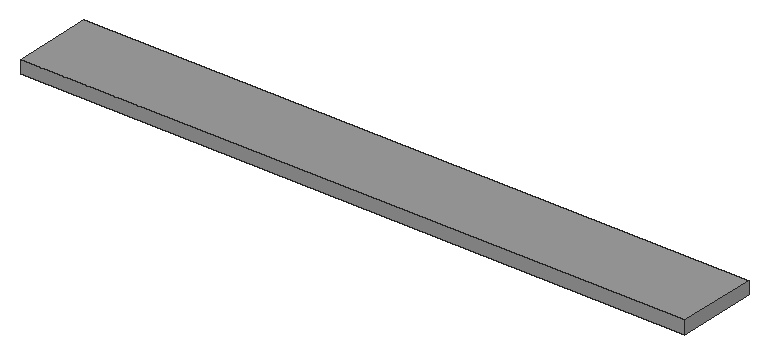
Revit family "SLSM_2FT4FT_3500K4000K", category Lighting Fixtures, Revit 2022
Family settings
  Round Connector Dimension = Use Diameter
  Part Type = Normal
  OmniClass Number = 23.80.70.00
  OmniClass Title = Lighting
  Work Plane-Based = Yes
  Always vertical = Yes
  Cut with Voids When Loaded = No
  Light Source = Yes
  Maintain Annotation Orientation = No
  Shared = No
  Room Calculation Point = No
Parameters (values of type "SLSM_6IN_4FT_40W_4000K")
  w [instance] = 0' - 5 3/4"
  Wattage Comments = "40W"
  Wattage = 24.2356 W
  built-in parameter 1150110 = 1 (stored number, unit not read)
  URL = "https://abovealllighting.com/Product/LED-INDOOR-FIXTURE/Linear/SlenderSurfaceLinearLight.html"
  built-in parameter 1114217 = 1 (stored number, unit not read)
  Tilt Angle = 90.00°
  built-in parameter 1150109 = 1 (stored number, unit not read)
  built-in parameter 1150134 = 12
  built-in parameter 1150113 = 1 (stored number, unit not read)
  Power Factor = "0.9"
  Photometric Web File = "SLSM6_12SPSW1_SM_4000K.IES"
  Model = "SLSM6-12SPSW1-SM"
  Manufacturer = "Above All Lighting"  # constant formula
  Lumens = 3600 lm
  built-in parameter 1150115 = 1 (stored number, unit not read)
  built-in parameter 1150105 = 286.48 (stored number, unit not read)
  Load Classification = Lighting
  built-in parameter 1150137 = (empty or 0)
  built-in parameter 1150139 = (empty or 0)
  built-in parameter 1150112 = 1 (stored number, unit not read)
  built-in parameter 1150114 = 1 (stored number, unit not read)
  Lamp = "LED"
  L [instance] = 3' - 11 195/256"
  Input Voltage = "120-277V"
  built-in parameter 1150132 = 2
  built-in parameter 1150102 = (empty or 0)
  built-in parameter 1150138 = (empty or 0)
  built-in parameter 1150107 = 4000 (stored number, unit not read)
  built-in parameter 1150106 = 2.8648 (stored number, unit not read)
  IP Rating = "65"
  built-in parameter 1150104 = 13.8 (stored number, unit not read)
  Dimming Lamp Color Temperature Shift = <None>
  Default Elevation = 4' - 0"
  Color Filter = 16777215
  CRI = "80"
  built-in parameter 1114218 = 1 (stored number, unit not read)
  built-in parameter 1150133 = 10 (stored number, unit not read)
Types (9): name | w | Wattage Comments | Wattage | built-in parameter 1150134 | Photometric Web File | Model | Lumens | built-in parameter 1150105 | L | built-in parameter 1150107 | built-in parameter 1150106
  (no name) | 0' - 5 3/4" | "40W" | 24.2356 W | 12 | "SLSM6_12SPSW1_SM_4000K.IES" | "SLSM6-12SPSW1-SM" | 3600 lm | 286.48 (stored number, unit not read) | 3' - 11 195/256" | 4000 (stored number, unit not read) | 2.8648 (stored number, unit not read)
  SLSM_4IN_2FT_20W_3500K | 0' - 4 1/4" | "20W" | 11.4446 W | (empty or 0) | "SLSM4-0620SW1-SM_3500K.IES" | "SLSM4-0620SW1-SM" | 1700 lm | 135.28 (stored number, unit not read) | 1' - 11.7" | 3500 (stored number, unit not read) | 1.3528 (stored number, unit not read)
  SLSM_4IN_4FT_40W_3500K | 0' - 4 1/4" | "40W" | 22.8892 W | (empty or 0) | "SLSM4-12SPSW1-SM_3500K.IES" | "SLSM4-12SPSW1-SM" | 3400 lm | 270.56 (stored number, unit not read) | 3' - 11 195/256" | 3500 (stored number, unit not read) | 2.7056 (stored number, unit not read)
  SLSM_4IN_2FT_20W_4000K | 0' - 4 1/4" | "20W" | 11.4446 W | 12 | "SLSM4-0620SW1-SM_4000K.IES" | "SLSM4-0620SW1-SM" | 1700 lm | 135.28 (stored number, unit not read) | 1' - 11.7" | 4000 (stored number, unit not read) | 1.3528 (stored number, unit not read)
  SLSM_4IN_4FT_40W_4000K | 0' - 4 1/4" | "40W" | 22.8892 W | 12 | "SLSM4-12SPSW1-SM_4000K.IES" | "SLSM4-12SPSW1-SM" | 3400 lm | 270.56 (stored number, unit not read) | 3' - 11 195/256" | 4000 (stored number, unit not read) | 2.7056 (stored number, unit not read)
  SLSM_6IN_2FT_20W_3500K | 0' - 5 3/4" | "20W" | 12.1178 W | (empty or 0) | "SLSM6-0620SW1-SM_3500K.IES" | "SLSM6-0620SW1-SM" | 1800 lm | 143.24 (stored number, unit not read) | 1' - 11.7" | 3500 (stored number, unit not read) | 1.4324 (stored number, unit not read)
  SLSM_6IN_2FT_20W_4000K | 0' - 5 3/4" | "20W" | 12.1178 W | 12 | "SLSM6-0620SW1-SM_4000K.IES" | "SLSM6-0620SW1-SM" | 1800 lm | 143.24 (stored number, unit not read) | 1' - 11.7" | 4000 (stored number, unit not read) | 1.4324 (stored number, unit not read)
  SLSM_6IN_4FT_40W_3500K | 0' - 5 3/4" | "40W" | 24.2356 W | (empty or 0) | "SLSM6-12SPSW1-SM_3500K.IES" | "SLSM6-12SPSW1-SM" | 3600 lm | 286.48 (stored number, unit not read) | 3' - 11 195/256" | 3500 (stored number, unit not read) | 2.8648 (stored number, unit not read)
  SLSM_6IN_4FT_40W_4000K | 0' - 5 3/4" | "40W" | 24.2356 W | 12 | "SLSM6_12SPSW1_SM_4000K.IES" | "SLSM6-12SPSW1-SM" | 3600 lm | 286.48 (stored number, unit not read) | 3' - 11 195/256" | 4000 (stored number, unit not read) | 2.8648 (stored number, unit not read)
Reference planes (in)
  plane 1 "Light Source Axis (F/B)": y = 0
  plane 2: z = 0
  plane 3 "Light Source Axis (L/R)": x = 0
  plane 4 "Light Source Elevation": z = 54
  plane 5: y = -2.875
  plane 6: x = -23.88086
  plane 7: x = 23.88086
  plane 8: y = 2.875
  plane 9: x = -22.95586
  plane 10: x = 22.95586
  plane 11: y = 1.2
  plane 12: y = -1.2
Forms (in)
  Extrusion 1, solid, material "Default"
    sketch origin (0, 0, 54) x (1, 0, 0) y (0, 1, 0)
      loop
        line (-23.88086, 2.875) -> (-23.88086, -2.875) -> (23.88086, -2.875) -> (23.88086, 2.875) -> (-23.88086, 2.875)
    from 0 to 0.94
  Extrusion 2, void
    sketch origin (0, 0, 54) x (1, 0, 0) y (0, 1, 0)
      loop
        line (22.95586, 1.2) -> (-22.95586, 1.2) -> (-22.95586, -1.2) -> (22.95586, -1.2) -> (22.95586, 1.2)
    from 0 to 0.5
  Extrusion 3, solid, material "Glass, White, High Luminance"
    sketch origin (0, 0, 54.02958) x (1, 0, 0) y (0, 1, 0)
      loop
        line (-22.95586, 1.2) -> (-22.95586, -1.2) -> (22.95586, -1.2) -> (22.95586, 1.2) -> (-22.95586, 1.2)
    from 0 to 0.12723
Cuts and joins
  Extrusion 2 cuts Extrusion 1
Dimensions and locks (in)
  "L": plane 6 to plane 7
  "w": plane 8 to plane 5
  equal spacing: plane 6, plane 3 "Light Source Axis (L/R)", plane 7
  locked: plane 10 to plane 7 at 0.925
  locked: plane 6 to plane 9 at 0.925
  equal spacing: plane 5, plane 1 "Light Source Axis (F/B)", plane 8
  aligned and locked: plane 3 "Light Source Axis (L/R)" to imposter light
  aligned and locked: plane 1 "Light Source Axis (F/B)" to imposter light
  aligned and locked: plane 4 "Light Source Elevation" to imposter light
  aligned and locked: level to plane 2
Automatic sketch dimensions
  plane 5 to Extrusion 1 sketch curve = 0' - 0"
  Extrusion 1 sketch curve to plane 6 = 0' - 0"
  Extrusion 1 sketch curve to plane 7 = 0' - 0"
  Extrusion 1 sketch curve to plane 8 = 0' - 0"
  Extrusion 2 sketch curve to plane 9 = 0' - 0"
  Extrusion 2 sketch curve to plane 10 = 0' - 0"
  Extrusion 2 sketch curve to plane 12 = 0' - 0"
  Extrusion 2 sketch curve to plane 11 = 0' - 0"
  Extrusion 3 sketch curve to plane 9 = 0' - 0"
  Extrusion 3 sketch curve to plane 10 = 0' - 0"
  Extrusion 3 sketch curve to plane 12 = 0' - 0"
  Extrusion 3 sketch curve to plane 11 = 0' - 0"
